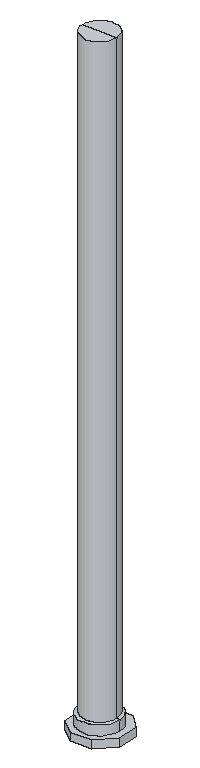
Revit family "Tank 1", category Mechanical Equipment, Revit 2022
Family settings
  Round Connector Dimension = Use Diameter
  Classification = None
  Part Type = Normal
  Work Plane-Based = No
  Always vertical = No
  Cut with Voids When Loaded = No
  Maintain Annotation Orientation = No
  Shared = No
  Room Calculation Point = No
Reference planes
  plane 1: y = 0
  plane 2: z = 0
  plane 3: x = 0
Forms (mm)
  Revolve 1, solid
    sketch origin (-54.85, -4.851, 18126.04) x (0, 0, -1) y (1, 0, 0)
      loop
        line (1343.562, -1491.445) -> (1343.562, -27.622) -> (-44010.687, -27.622) -> (-44010.687, -1281.894) -> (564.292, -1281.894) -> (640.562, -1491.445) -> (1343.562, -1491.445)
      axis (-44010.687, -27.622) -> (1343.562, -27.622)
    angle from 0 to 360
  Extrusion 2, solid
    sketch origin (-54.85, 145.149, 18126.04) x (-1, 0, 0) y (0, -1, 0)
      loop
        line (-1945.391, -688.235) -> (-890.449, -1743.176) -> (667.551, -1743.176) -> (1835.691, -575.036) -> (1710.687, 1212.599) -> (621.348, 2033.474) -> (-816.141, 1932.955) -> (-1945.391, 803.706) -> (-1945.391, -688.235)
    from -1910.541 to -1343.562
